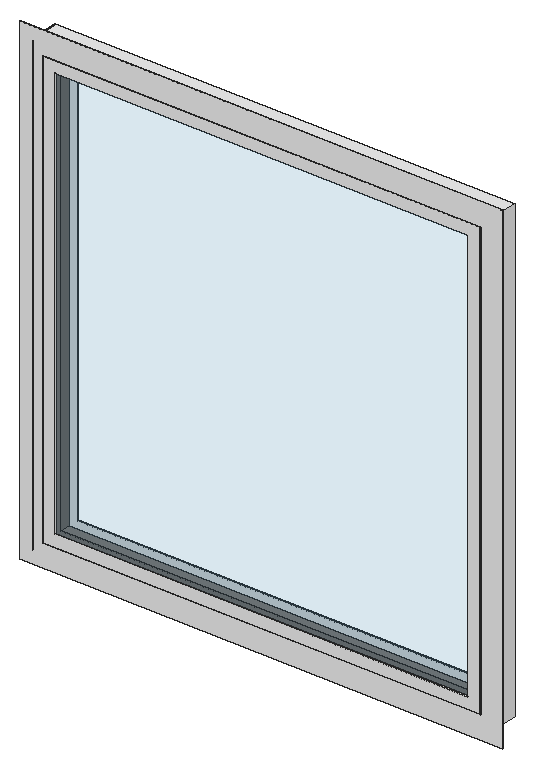
Revit family "Casement_34_H_Top_Hung_Standard", category Windows, host Wall, Revit 2014
Parameters (values of type "Casement_Sash_DG")
  Width Sash [instance] = 30 mm
  Width Sash Inner = 15 mm
  Width Bead = 15 mm
  Top Hung [instance] = yes
  Side Hung Right [instance] = yes
  Side Hung Left [instance] = yes
  Sash Opening Width [instance] = 600 mm
  Sash Opening Height [instance] = 600.312 mm
  Sash Lip = 15 mm
  Glazing Material [instance] = Glass
  DG Start Piece 2 [instance] = DG End Piece 1 + DG Gasket Thickness  # 25 mm
  DG Start Peice 1 [instance] = (Depth Sash - (2 * DG Glazing Thickness) - DG Gasket Thickness) / 2  # 6.6 mm
  Glazing Offset = 5 mm
  DG Glazing Thickness [instance] = 6.4 mm
  DG Gasket Thickness = 12 mm  # constant formula
  DG Gasket Material [instance] = Double Glazing Gasket Material
  DG End Piece 2 [instance] = DG Start Piece 2 + DG Glazing Thickness  # 31.4 mm
  DG End Piece 1 [instance] = DG Start Peice 1 + DG Glazing Thickness  # 13 mm
  Depth Sash [instance] = 38 mm
  Center Vertical Sash [instance] = Sash Opening Height / 2  # 300.156 mm
  Center Horizontal Sash [instance] = Sash Opening Width / 2  # 300 mm
  Bottom Hung [instance] = yes
  Bead Offset = 15 mm
  Aluminium Thickness = 1 mm
  Aluminium Material [instance] = White Powder Coated Aluminium
Reference planes
  plane 1 "Center (Front/Back)": y = 0
  plane 2: z = 0
  plane 3 "Center (Left/Right)": x = 0
Forms (mm)
  Sweep 1, solid, material "White Powder Coated Aluminium" <- "Aluminium Material"
    path origin (16.177, 0, 121.331) x (1, 0, 0) y (0, 0, 1)
      loop
        line (0, 0) -> (600, 0) -> (600, 600.312) -> (0, 600.312) -> (0, 0)
    profile origin (316.177, 0, 121.331) x (0, 0, 1) y (0, -1, 0)
      loop
        line (0, 0) -> (30, 0) -> (30, 1) -> (15, 1) -> (15, 38) -> (-15, 38) -> (-15, 37) -> (0, 37) -> (0, 0)
      loop
        line (14, 1) -> (14, 37) -> (1, 37) -> (1, 1) -> (14, 1)
  Sweep 2, solid, material "White Powder Coated Aluminium" <- "Aluminium Material"
    path origin (0, 0, 0) x (1, 0, 0) y (0, 0, 1)
      loop
        line (31.177, 706.643) -> (31.177, 136.331) -> (601.177, 136.331) -> (601.177, 706.643) -> (31.177, 706.643)
    profile origin (316.177, 0, 706.643) x (0, 0, 1) y (0, -1, 0)
      loop
        line (0, 37) -> (0, 38) -> (-15, 38) -> (-15, 37) -> (0, 37)
  Extrusion 3, solid, material "Glass" <- "Glazing Material"
    sketch origin (0, 0, 0) x (1, 0, 0) y (0, 0, 1)
      loop
        line (36.177, 701.643) -> (36.177, 141.331) -> (596.177, 141.331) -> (596.177, 701.643) -> (36.177, 701.643)
    from 6.6 <- "DG Start Peice 1" to 13 <- "DG End Piece 1"
  Extrusion 4, solid, material "Glass" <- "Glazing Material"
    sketch origin (0, 0, 0) x (1, 0, 0) y (0, 0, 1)
      loop
        line (36.177, 701.643) -> (36.177, 141.331) -> (596.177, 141.331) -> (596.177, 701.643) -> (36.177, 701.643)
    from 31.4 <- "DG End Piece 2" to 25 <- "DG Start Piece 2"
  Sweep 5, solid, material "Double Glazing Gasket Material" <- "DG Gasket Material"
    path origin (0, -13, 0) x (1, 0, 0) y (0, 0, 1)
      loop
        line (36.177, 701.643) -> (36.177, 141.331) -> (596.177, 141.331) -> (596.177, 701.643) -> (36.177, 701.643)
    profile origin (316.177, -13, 701.643) x (0, 0, 1) y (0, -1, 0)
      loop
        line (0, 0) -> (0, 12) -> (-7.96, 12) -> (-7.96, 0) -> (0, 0)
Lines and regions (mm)
  model lines
    curve 1: line (1.177, -38, 736.643) -> (31.177, -38, 706.643)
    curve 2: line (601.177, -38, 706.643) -> (631.177, -38, 736.643)
    curve 3: line (601.177, -38, 136.331) -> (631.177, -38, 106.331)
    curve 4: line (1.177, -38, 106.331) -> (31.177, -38, 136.331)
    curve 5: line (631.177, -37, 736.643) -> (616.177, -37, 721.643)
    curve 6: line (1.177, -37, 736.643) -> (16.177, -37, 721.643)
    curve 7: line (1.177, -37, 106.331) -> (16.177, -37, 121.331)
    curve 8: line (631.177, -37, 106.331) -> (616.177, -37, 121.331)
    curve 9: line (616.177, 0, 121.331) -> (586.177, 0, 151.331)
    curve 10: line (46.177, 0, 151.331) -> (16.177, 0, 121.331)
    curve 11: line (616.177, 0, 721.643) -> (586.177, 0, 691.643)
    curve 12: line (46.177, 0, 691.643) -> (16.177, 0, 721.643)
    curve 13: line (31.177, -38, 691.643) -> (46.177, -38, 691.643)
    curve 14: line (586.177, -38, 691.643) -> (601.177, -38, 691.643)
    curve 15: line (586.177, -38, 151.331) -> (601.177, -38, 151.331)
    curve 16: line (31.177, -38, 151.331) -> (46.177, -38, 151.331)
  model lines, style "GenericModelHiddenLines", visible <- "Top Hung"
    curve 17: line (46.386, -31.4, 690.914) -> (316.177, -31.4, 151.331)
    curve 18: line (316.177, -31.4, 151.331) -> (586.177, -31.4, 691.331)
  model lines, style "GenericModelHiddenLines", visible <- "Bottom Hung"
    curve 19: line (46.177, -31.4, 151.331) -> (316.177, -31.4, 691.331)
    curve 20: line (316.177, -31.4, 691.331) -> (586.177, -31.4, 151.331)
  model lines, style "GenericModelHiddenLines", visible <- "Side Hung Left"
    curve 21: line (46.386, -31.4, 690.914) -> (585.24, -31.4, 421.487)
    curve 22: line (585.24, -31.4, 421.487) -> (46.177, -31.4, 151.331)
  model lines, style "GenericModelHiddenLines", visible <- "Side Hung Right"
    curve 23: line (586.177, -31.4, 691.331) -> (46.177, -31.4, 421.487)
    curve 24: line (46.177, -31.4, 421.487) -> (586.177, -31.4, 151.331)
Dimensions and locks
  "Aluminium Thickness": Sweep 1 sketch curve to Sweep 1 sketch curve  (x4)
  "Depth Sash": Sweep 1 sketch curve to Sweep 1 sketch curve
  "Sash Opening Width": Sweep 1 to Sweep 1
  "Sash Opening Height": Sweep 1 to Sweep 1
  "Width Sash": Sweep 1 sketch curve to Sweep 1 sketch curve  (x2)
  "Width Sash Inner": Sweep 1 sketch curve to Sweep 1 sketch curve
  "Sash Lip": Sweep 1 sketch curve to Sweep 1 sketch curve
  "Aluminium Thickness": Sweep 1 to Sweep 2 sketch curve
  "Glazing Offset": Sweep 2 to Extrusion 3 sketch curve  (x3)
  "Glazing Offset": Extrusion 3 sketch curve to Sweep 2
  Sweep 1 to Sweep 1 = 1 mm
  "Aluminium Thickness": Sweep 2 sketch curve to Sweep 2 sketch curve
  "Width Bead": Sweep 2 sketch curve to Sweep 2 sketch curve
  locked: Sweep 5 sketch curve to Sweep 5 sketch curve at 7.96
  "Center Horizontal Sash": Sweep 1 to curve 18
  "Center Horizontal Sash": Sweep 1 to curve 20
  "Center Vertical Sash": Sweep 1 to curve 22
  "Center Vertical Sash": Sweep 1 to curve 24
  aligned and locked: level to plane 2
  aligned and locked: Sweep 1 sketch curve to Sweep 1 sketch curve  (x2)
  aligned and locked: Sweep 2 sketch curve to Sweep 1  (x5)
  aligned and locked: Extrusion 4 sketch curve to Extrusion 3  (x4)
  aligned and locked: Sweep 5 sketch curve to Extrusion 3  (x5)
  aligned and locked: Extrusion 3 to Sweep 5 sketch curve
Automatic sketch dimensions
  plane 3 "Center (Left/Right)" to Sweep 1 sketch curve = 16.177 mm
  level to Sweep 1 sketch curve = 121.331 mm
  plane 3 "Center (Left/Right)" to Sweep 1 sketch curve = 616.177 mm
  level to Sweep 1 sketch curve = 721.643 mm
  profile plane to Sweep 5 sketch curve = 12 mm
  curve 7 to Sweep 1 = 0 mm  (x4)
  curve 6 to Sweep 1 = 0 mm  (x3)
  Sweep 1 to curve 6 = 0 mm
  curve 5 to Sweep 1 = 0 mm  (x3)
  curve 8 to Sweep 1 = 0 mm  (x4)
  Sweep 1 to curve 5 = 0 mm
  curve 16 to Sweep 2 = 0 mm  (x3)
  curve 13 to Sweep 2 = 0 mm  (x3)
  curve 15 to Sweep 2 = 0 mm
  Sweep 2 to curve 15 = 0 mm  (x2)
  curve 14 to Sweep 2 = 0 mm  (x2)
  Sweep 2 to curve 14 = 0 mm
  curve 1 to Sweep 1 = 0 mm  (x4)
  curve 4 to Sweep 1 = 0 mm  (x3)
  Sweep 1 to curve 4 = 0 mm
  curve 3 to Sweep 1 = 0 mm  (x3)
  curve 2 to Sweep 1 = 0 mm  (x4)
  Sweep 1 to curve 3 = 0 mm
  curve 10 to Sweep 1 = 0 mm  (x4)
  curve 12 to Sweep 1 = 0 mm  (x3)
  Sweep 1 to curve 12 = 0 mm
  curve 9 to Sweep 1 = 0 mm  (x4)
  curve 11 to Sweep 1 = 0 mm  (x3)
  Sweep 1 to curve 11 = 0 mm
  Sweep 1 sketch curve to plane 1 "Center (Front/Back)" = 0 mm
  profile plane to Sweep 1 sketch curve = 0 mm
  curve 21 to Extrusion 4 = 10.208 mm
  curve 19 to Extrusion 4 = 10 mm
  curve 23 to Extrusion 4 = 10 mm  (x2)
  curve 22 to Extrusion 4 = 10.937 mm
  curve 20 to Extrusion 4 = 10 mm
  curve 24 to Extrusion 4 = 10 mm
  curve 22 to Extrusion 4 = 10 mm
  curve 18 to Extrusion 4 = 10 mm
  curve 21 to Extrusion 4 = 10.729 mm
  curve 19 to Extrusion 4 = 10.312 mm
  curve 18 to Extrusion 4 = 10.312 mm
Types in the file's own list only (12): name | Windload Design | Width Sash Opening | Width Sash 2 | Width Sash 1 | Width Profile | Width Panel 3 | Width Panel 2 | Width Panel 1 | Width | URL | Max System DG Unit Thickness | Max System DG One Piece Thickness | Max Pane Area | Intruderprufe U Value | Intruderprufe SHGC Value | Intruderprufe LowE U Value | Intruderprufe LowE SHGC Value | Height | Energy Advantage U Value | Energy Advantage SHGC Value | DG Thickness Calc | Custom Window Width | Custom Window Height | Custom Windload | Sash Width | Custom Sash Bottom Height | Custom Sash Top Height | Sash Spacing Inner | Sash Overlap | Sash Center Offset | SG Gasket Thickness | Offset Window Exterior | Offset Sash Left | Offset Sash 2 Top | Offset Sash 1 Top | Offset Panel 4 Left | Offset Panel 3 Bead Top | Offset Mullion Left | Offset Transom 2 Top | Offset Transom 1 Top | Offset Bead SG Center Reversed | Model | Manufacturer | Limit Window Width Min | Limit Window Width Max | Limit Window Height Min | Limit Window Height Max | Limit Sash Width Min | Limit Sash Width Max | Limit Sash Height Min | Limit Sash Height Max | Limit Fixed Pane Height Min | Limit Fixed Pane Height Max | Length Transom | Height Sash 2 Opening | Height Sash 2 | Height Sash 1 Opening | Height Sash 1 | Height Panel 3 | Height Panel 2 | Height Panel 1 | Description | Frame Center Offset | Depth Bead | Default Sill Height | Wall Closure | DG Gasket Finish | DG Extrusion Start | Window Exterior Offset | Clearvue U Value | Clearvue SHGC Value | Clearvue Insulated U Value | Clearvue Insulated SHGC Value | Clearvue Insulated LowE U Value | Clearvue Insulated LowE SHGC Value | Casement Dimension | Bottom Hung | Bead SG Gap | Area Pane Top | Area Pane Middle | Area Pane Bottom
  34-0615DT-1000Pa | 1000 mm | 544 mm | 514 mm | 514 mm | 30 mm | 530 mm | 530 mm | 530 mm | 590 mm | "http://www.crealco.co.za/crealco-products.php" | 20 mm | 4 mm | 0.23 m² | 6.1 | 0.504 | 4.83 | 0.452 | 1490 mm | 4.94 | 0.481 | 4 mm | 590 mm | 1490 mm | 1000 mm | 544 mm | 554 mm | 554 mm | 8 mm | 7 mm | 14 mm | 6 mm | 17 mm | 23 mm | 593 mm | 23 mm | 589 mm | 1170 mm | 559 mm | 1140 mm | 570 mm | 17 mm | "Casement 34" | "Crealco" | 346 mm | 1246 mm | 1400 mm | 3000 mm | 300 mm | 1200 mm | 300 mm | 900 mm | 200 mm | 1800 mm | 530 mm | 554 mm | 524 mm | 554 mm | 524 mm | 290 mm | 540 mm | 540 mm | "Window 34mm, Type H top hung" | 17 mm | 20 mm | 800 mm | By host | Double Glazing Gasket Material | 7 mm | 0 mm | 6.19 | 0.536 | 4.34 | 0.477 | 3.94 | 0.435 | 34 mm | No | 13 mm | 0.23 m² | 0.23 m² | 0.15 m²
  34-0615DT-1500Pa | 1500 mm | 544 mm | 514 mm | 514 mm | 30 mm | 530 mm | 530 mm | 530 mm | 590 mm | "http://www.crealco.co.za/crealco-products.php" | 20 mm | 4 mm | 0.23 m² | 6.1 | 0.504 | 4.83 | 0.452 | 1490 mm | 4.94 | 0.481 | 4 mm | 590 mm | 1490 mm | 1500 mm | 544 mm | 554 mm | 554 mm | 8 mm | 7 mm | 14 mm | 6 mm | 17 mm | 23 mm | 593 mm | 23 mm | 589 mm | 1170 mm | 559 mm | 1140 mm | 570 mm | 17 mm | "Casement 34" | "Crealco" | 346 mm | 1246 mm | 1400 mm | 3000 mm | 300 mm | 1200 mm | 300 mm | 900 mm | 200 mm | 1800 mm | 530 mm | 554 mm | 524 mm | 554 mm | 524 mm | 290 mm | 540 mm | 540 mm | "Window 34mm, Type H top hung" | 17 mm | 20 mm | 800 mm | By host | Double Glazing Gasket Material | 7 mm | 0 mm | 6.19 | 0.536 | 4.34 | 0.477 | 3.94 | 0.435 | 34 mm | No | 13 mm | 0.23 m² | 0.23 m² | 0.15 m²
  34-0615DT-2000Pa | 2000 mm | 544 mm | 514 mm | 514 mm | 30 mm | 530 mm | 530 mm | 530 mm | 590 mm | "http://www.crealco.co.za/crealco-products.php" | 20 mm | 4 mm | 0.23 m² | 6.1 | 0.504 | 4.83 | 0.452 | 1490 mm | 4.94 | 0.481 | 4 mm | 590 mm | 1490 mm | 2000 mm | 544 mm | 554 mm | 554 mm | 8 mm | 7 mm | 14 mm | 6 mm | 17 mm | 23 mm | 593 mm | 23 mm | 589 mm | 1170 mm | 559 mm | 1140 mm | 570 mm | 17 mm | "Casement 34" | "Crealco" | 346 mm | 1246 mm | 1400 mm | 3000 mm | 300 mm | 1200 mm | 300 mm | 900 mm | 200 mm | 1800 mm | 530 mm | 554 mm | 524 mm | 554 mm | 524 mm | 290 mm | 540 mm | 540 mm | "Window 34mm, Type H top hung" | 17 mm | 20 mm | 800 mm | By host | Double Glazing Gasket Material | 7 mm | 0 mm | 6.19 | 0.536 | 4.34 | 0.477 | 3.94 | 0.435 | 34 mm | No | 13 mm | 0.23 m² | 0.23 m² | 0.15 m²
  34-0915DT-1000Pa | 1000 mm | 844 mm | 814 mm | 814 mm | 30 mm | 830 mm | 830 mm | 830 mm | 890 mm | "http://www.crealco.co.za/crealco-products.php" | 20 mm | 4 mm | 0.37 m² | 6.06 | 0.55 | 4.65 | 0.491 | 1490 mm | 4.76 | 0.524 | 4 mm | 890 mm | 1490 mm | 1000 mm | 844 mm | 554 mm | 554 mm | 8 mm | 7 mm | 14 mm | 6 mm | 17 mm | 23 mm | 593 mm | 23 mm | 889 mm | 1170 mm | 859 mm | 1140 mm | 570 mm | 17 mm | "Casement 34" | "Crealco" | 346 mm | 1246 mm | 1400 mm | 3000 mm | 300 mm | 1200 mm | 300 mm | 900 mm | 200 mm | 1800 mm | 830 mm | 554 mm | 524 mm | 554 mm | 524 mm | 290 mm | 540 mm | 540 mm | "Window 34mm, Type H top hung" | 17 mm | 20 mm | 800 mm | By host | Double Glazing Gasket Material | 7 mm | 0 mm | 6.15 | 0.584 | 4.11 | 0.519 | 3.63 | 0.473 | 34 mm | No | 13 mm | 0.37 m² | 0.37 m² | 0.23 m²
  34-0915DT-1500Pa | 1500 mm | 844 mm | 814 mm | 814 mm | 30 mm | 830 mm | 830 mm | 830 mm | 890 mm | "http://www.crealco.co.za/crealco-products.php" | 20 mm | 4 mm | 0.37 m² | 6.06 | 0.55 | 4.65 | 0.491 | 1490 mm | 4.76 | 0.524 | 4 mm | 890 mm | 1490 mm | 1500 mm | 844 mm | 554 mm | 554 mm | 8 mm | 7 mm | 14 mm | 6 mm | 17 mm | 23 mm | 593 mm | 23 mm | 889 mm | 1170 mm | 859 mm | 1140 mm | 570 mm | 17 mm | "Casement 34" | "Crealco" | 346 mm | 1246 mm | 1400 mm | 3000 mm | 300 mm | 1200 mm | 300 mm | 900 mm | 200 mm | 1800 mm | 830 mm | 554 mm | 524 mm | 554 mm | 524 mm | 290 mm | 540 mm | 540 mm | "Window 34mm, Type H top hung" | 17 mm | 20 mm | 800 mm | By host | Double Glazing Gasket Material | 7 mm | 0 mm | 6.15 | 0.584 | 4.11 | 0.519 | 3.63 | 0.473 | 34 mm | No | 13 mm | 0.37 m² | 0.37 m² | 0.23 m²
  34-0915DT-2000Pa | 2000 mm | 844 mm | 814 mm | 814 mm | 30 mm | 830 mm | 830 mm | 830 mm | 890 mm | "http://www.crealco.co.za/crealco-products.php" | 20 mm | 4 mm | 0.37 m² | 6.06 | 0.55 | 4.65 | 0.491 | 1490 mm | 4.76 | 0.524 | 4 mm | 890 mm | 1490 mm | 2000 mm | 844 mm | 554 mm | 554 mm | 8 mm | 7 mm | 14 mm | 6 mm | 17 mm | 23 mm | 593 mm | 23 mm | 889 mm | 1170 mm | 859 mm | 1140 mm | 570 mm | 17 mm | "Casement 34" | "Crealco" | 346 mm | 1246 mm | 1400 mm | 3000 mm | 300 mm | 1200 mm | 300 mm | 900 mm | 200 mm | 1800 mm | 830 mm | 554 mm | 524 mm | 554 mm | 524 mm | 290 mm | 540 mm | 540 mm | "Window 34mm, Type H top hung" | 17 mm | 20 mm | 800 mm | By host | Double Glazing Gasket Material | 7 mm | 0 mm | 6.15 | 0.584 | 4.11 | 0.519 | 3.63 | 0.473 | 34 mm | No | 13 mm | 0.37 m² | 0.37 m² | 0.23 m²
  34-0618DT-1000Pa | 1000 mm | 544 mm | 514 mm | 514 mm | 30 mm | 530 mm | 530 mm | 530 mm | 590 mm | "http://www.crealco.co.za/crealco-products.php" | 20 mm | 4 mm | 0.30 m² | 6.05 | 0.534 | 4.71 | 0.476 | 1790 mm | 4.82 | 0.508 | 4 mm | 590 mm | 1790 mm | 1000 mm | 544 mm | 554 mm | 554 mm | 8 mm | 7 mm | 14 mm | 6 mm | 17 mm | 23 mm | 593 mm | 23 mm | 589 mm | 1170 mm | 559 mm | 1140 mm | 570 mm | 17 mm | "Casement 34" | "Crealco" | 346 mm | 1246 mm | 1400 mm | 3000 mm | 300 mm | 1200 mm | 300 mm | 900 mm | 200 mm | 1800 mm | 530 mm | 554 mm | 524 mm | 554 mm | 524 mm | 590 mm | 540 mm | 540 mm | "Window 34mm, Type H top hung" | 17 mm | 20 mm | 800 mm | By host | Double Glazing Gasket Material | 7 mm | 0 mm | 6.15 | 0.566 | 4.19 | 0.504 | 3.72 | 0.459 | 34 mm | No | 13 mm | 0.23 m² | 0.23 m² | 0.30 m²
  34-0618DT-1500Pa | 1500 mm | 544 mm | 514 mm | 514 mm | 30 mm | 530 mm | 530 mm | 530 mm | 590 mm | "http://www.crealco.co.za/crealco-products.php" | 20 mm | 4 mm | 0.30 m² | 6.05 | 0.534 | 4.71 | 0.476 | 1790 mm | 4.82 | 0.508 | 4 mm | 590 mm | 1790 mm | 1500 mm | 544 mm | 554 mm | 554 mm | 8 mm | 7 mm | 14 mm | 6 mm | 17 mm | 23 mm | 593 mm | 23 mm | 589 mm | 1170 mm | 559 mm | 1140 mm | 570 mm | 17 mm | "Casement 34" | "Crealco" | 346 mm | 1246 mm | 1400 mm | 3000 mm | 300 mm | 1200 mm | 300 mm | 900 mm | 200 mm | 1800 mm | 530 mm | 554 mm | 524 mm | 554 mm | 524 mm | 590 mm | 540 mm | 540 mm | "Window 34mm, Type H top hung" | 17 mm | 20 mm | 800 mm | By host | Double Glazing Gasket Material | 7 mm | 0 mm | 6.15 | 0.566 | 4.19 | 0.504 | 3.72 | 0.459 | 34 mm | No | 13 mm | 0.23 m² | 0.23 m² | 0.30 m²
  34-0618DT-2000Pa | 2000 mm | 544 mm | 514 mm | 514 mm | 30 mm | 530 mm | 530 mm | 530 mm | 590 mm | "http://www.crealco.co.za/crealco-products.php" | 20 mm | 4 mm | 0.30 m² | 6.05 | 0.534 | 4.71 | 0.476 | 1790 mm | 4.82 | 0.508 | 4 mm | 590 mm | 1790 mm | 2000 mm | 544 mm | 554 mm | 554 mm | 8 mm | 7 mm | 14 mm | 6 mm | 17 mm | 23 mm | 593 mm | 23 mm | 589 mm | 1170 mm | 559 mm | 1140 mm | 570 mm | 17 mm | "Casement 34" | "Crealco" | 346 mm | 1246 mm | 1400 mm | 3000 mm | 300 mm | 1200 mm | 300 mm | 900 mm | 200 mm | 1800 mm | 530 mm | 554 mm | 524 mm | 554 mm | 524 mm | 590 mm | 540 mm | 540 mm | "Window 34mm, Type H top hung" | 17 mm | 20 mm | 800 mm | By host | Double Glazing Gasket Material | 7 mm | 0 mm | 6.15 | 0.566 | 4.19 | 0.504 | 3.72 | 0.459 | 34 mm | No | 13 mm | 0.23 m² | 0.23 m² | 0.30 m²
  34-0918DT-1000Pa | 1000 mm | 844 mm | 814 mm | 814 mm | 30 mm | 830 mm | 830 mm | 830 mm | 890 mm | "http://www.crealco.co.za/crealco-products.php" | 20 mm | 4 mm | 0.48 m² | 6.01 | 0.579 | 4.53 | 0.515 | 1790 mm | 4.64 | 0.55 | 4 mm | 890 mm | 1790 mm | 1000 mm | 844 mm | 554 mm | 554 mm | 8 mm | 7 mm | 14 mm | 6 mm | 17 mm | 23 mm | 593 mm | 23 mm | 889 mm | 1170 mm | 859 mm | 1140 mm | 570 mm | 17 mm | "Casement 34" | "Crealco" | 346 mm | 1246 mm | 1400 mm | 3000 mm | 300 mm | 1200 mm | 300 mm | 900 mm | 200 mm | 1800 mm | 830 mm | 554 mm | 524 mm | 554 mm | 524 mm | 590 mm | 540 mm | 540 mm | "Window 34mm, Type H top hung" | 17 mm | 20 mm | 800 mm | By host | Double Glazing Gasket Material | 7 mm | 0 mm | 6.11 | 0.614 | 3.96 | 0.545 | 3.44 | 0.496 | 34 mm | No | 13 mm | 0.37 m² | 0.37 m² | 0.48 m²
  34-0918DT-1500Pa | 1500 mm | 844 mm | 814 mm | 814 mm | 30 mm | 830 mm | 830 mm | 830 mm | 890 mm | "http://www.crealco.co.za/crealco-products.php" | 20 mm | 4 mm | 0.48 m² | 6.01 | 0.579 | 4.53 | 0.515 | 1790 mm | 4.64 | 0.55 | 4 mm | 890 mm | 1790 mm | 1500 mm | 844 mm | 554 mm | 554 mm | 8 mm | 7 mm | 14 mm | 6 mm | 17 mm | 23 mm | 593 mm | 23 mm | 889 mm | 1170 mm | 859 mm | 1140 mm | 570 mm | 17 mm | "Casement 34" | "Crealco" | 346 mm | 1246 mm | 1400 mm | 3000 mm | 300 mm | 1200 mm | 300 mm | 900 mm | 200 mm | 1800 mm | 830 mm | 554 mm | 524 mm | 554 mm | 524 mm | 590 mm | 540 mm | 540 mm | "Window 34mm, Type H top hung" | 17 mm | 20 mm | 800 mm | By host | Double Glazing Gasket Material | 7 mm | 0 mm | 6.11 | 0.614 | 3.96 | 0.545 | 3.44 | 0.496 | 34 mm | No | 13 mm | 0.37 m² | 0.37 m² | 0.48 m²
  34-0918DT-2000Pa | 2000 mm | 844 mm | 814 mm | 814 mm | 30 mm | 830 mm | 830 mm | 830 mm | 890 mm | "http://www.crealco.co.za/crealco-products.php" | 20 mm | 4 mm | 0.48 m² | 6.01 | 0.579 | 4.53 | 0.515 | 1790 mm | 4.64 | 0.55 | 4 mm | 890 mm | 1790 mm | 2000 mm | 844 mm | 554 mm | 554 mm | 8 mm | 7 mm | 14 mm | 6 mm | 17 mm | 23 mm | 593 mm | 23 mm | 889 mm | 1170 mm | 859 mm | 1140 mm | 570 mm | 17 mm | "Casement 34" | "Crealco" | 346 mm | 1246 mm | 1400 mm | 3000 mm | 300 mm | 1200 mm | 300 mm | 900 mm | 200 mm | 1800 mm | 830 mm | 554 mm | 524 mm | 554 mm | 524 mm | 590 mm | 540 mm | 540 mm | "Window 34mm, Type H top hung" | 17 mm | 20 mm | 800 mm | By host | Double Glazing Gasket Material | 7 mm | 0 mm | 6.11 | 0.614 | 3.96 | 0.545 | 3.44 | 0.496 | 34 mm | No | 13 mm | 0.37 m² | 0.37 m² | 0.48 m²
